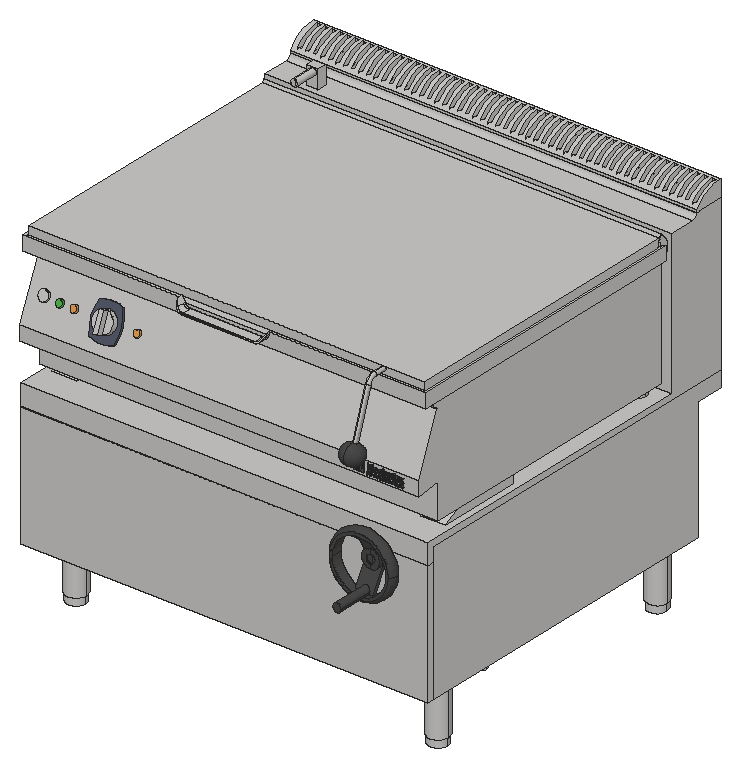
Revit family "QF_ELECTROLUXPROFESSIONAL_391285_E9BRGJDP40", category Specialty Equipment, Revit 2018 (continued)
Lines and regions (mm)
  symbolic lines
    curve 179: line (480.173, -6.761, 0) -> (480.173, -63.911, 0)
    curve 180: line (498.865, -63.911, 0) -> (508.161, -63.911, 0)
    curve 181: line (508.161, -63.911, 0) -> (508.161, -6.761, 0)
    curve 182: line (508.161, -6.761, 0) -> (498.865, -6.761, 0)
    curve 183: line (498.865, -6.761, 0) -> (498.865, -63.911, 0)
    curve 184: line (517.558, -63.911, 0) -> (526.854, -63.911, 0)
    curve 185: line (526.854, -63.911, 0) -> (526.854, -6.761, 0)
    curve 186: line (526.854, -6.761, 0) -> (517.558, -6.761, 0)
    curve 187: line (517.558, -6.761, 0) -> (517.558, -63.911, 0)
    curve 188: line (536.251, -63.911, 0) -> (545.546, -63.911, 0)
    curve 189: line (545.546, -63.911, 0) -> (545.546, -6.761, 0)
    curve 190: line (545.546, -6.761, 0) -> (536.251, -6.761, 0)
    curve 191: line (536.251, -6.761, 0) -> (536.251, -63.911, 0)
    curve 192: line (554.943, -63.911, 0) -> (564.239, -63.911, 0)
    curve 193: line (564.239, -63.911, 0) -> (564.239, -6.761, 0)
    curve 194: line (564.239, -6.761, 0) -> (554.943, -6.761, 0)
    curve 195: line (554.943, -6.761, 0) -> (554.943, -63.911, 0)
    curve 196: line (573.636, -63.911, 0) -> (582.932, -63.911, 0)
    curve 197: line (582.932, -63.911, 0) -> (582.932, -6.761, 0)
    curve 198: line (582.932, -6.761, 0) -> (573.636, -6.761, 0)
    curve 199: line (573.636, -6.761, 0) -> (573.636, -63.911, 0)
    curve 200: line (592.328, -63.911, 0) -> (601.624, -63.911, 0)
    curve 201: line (601.624, -63.911, 0) -> (601.624, -6.761, 0)
    curve 202: line (601.624, -6.761, 0) -> (592.328, -6.761, 0)
    curve 203: line (592.328, -6.761, 0) -> (592.328, -63.911, 0)
    curve 204: line (611.021, -63.911, 0) -> (620.317, -63.911, 0)
    curve 205: line (620.317, -63.911, 0) -> (620.317, -6.761, 0)
    curve 206: line (620.317, -6.761, 0) -> (611.021, -6.761, 0)
    curve 207: line (611.021, -6.761, 0) -> (611.021, -63.911, 0)
    curve 208: line (629.714, -63.911, 0) -> (639.009, -63.911, 0)
    curve 209: line (639.009, -63.911, 0) -> (639.009, -6.761, 0)
    curve 210: line (639.009, -6.761, 0) -> (629.714, -6.761, 0)
    curve 211: line (629.714, -6.761, 0) -> (629.714, -63.911, 0)
    curve 212: line (648.406, -63.911, 0) -> (657.702, -63.911, 0)
    curve 213: line (657.702, -63.911, 0) -> (657.702, -6.761, 0)
    curve 214: line (657.702, -6.761, 0) -> (648.406, -6.761, 0)
    curve 215: line (648.406, -6.761, 0) -> (648.406, -63.911, 0)
    curve 216: line (667.099, -63.911, 0) -> (676.395, -63.911, 0)
    curve 217: line (676.395, -63.911, 0) -> (676.395, -6.761, 0)
    curve 218: line (676.395, -6.761, 0) -> (667.099, -6.761, 0)
    curve 219: line (667.099, -6.761, 0) -> (667.099, -63.911, 0)
    curve 220: line (685.792, -63.911, 0) -> (695.087, -63.911, 0)
    curve 221: line (695.087, -63.911, 0) -> (695.087, -6.761, 0)
    curve 222: line (695.087, -6.761, 0) -> (685.792, -6.761, 0)
    curve 223: line (685.792, -6.761, 0) -> (685.792, -63.911, 0)
    curve 224: line (704.484, -63.911, 0) -> (713.78, -63.911, 0)
    curve 225: line (713.78, -63.911, 0) -> (713.78, -6.761, 0)
    curve 226: line (713.78, -6.761, 0) -> (704.484, -6.761, 0)
    curve 227: line (704.484, -6.761, 0) -> (704.484, -63.911, 0)
    curve 228: line (723.177, -63.911, 0) -> (732.472, -63.911, 0)
    curve 229: line (732.472, -63.911, 0) -> (732.472, -6.761, 0)
    curve 230: line (732.472, -6.761, 0) -> (723.177, -6.761, 0)
    curve 231: line (723.177, -6.761, 0) -> (723.177, -63.911, 0)
    curve 232: line (741.869, -63.911, 0) -> (751.165, -63.911, 0)
    curve 233: line (751.165, -63.911, 0) -> (751.165, -6.761, 0)
    curve 234: line (751.165, -6.761, 0) -> (741.869, -6.761, 0)
    curve 235: line (741.869, -6.761, 0) -> (741.869, -63.911, 0)
    curve 236: line (760.562, -63.911, 0) -> (769.858, -63.911, 0)
    curve 237: line (769.858, -63.911, 0) -> (769.858, -6.761, 0)
    curve 238: line (769.858, -6.761, 0) -> (760.562, -6.761, 0)
    curve 239: line (760.562, -6.761, 0) -> (760.562, -63.911, 0)
    curve 240: line (777.847, -63.911, 0) -> (787.142, -63.911, 0)
    curve 241: line (787.142, -63.911, 0) -> (787.142, -6.761, 0)
    curve 242: line (787.142, -6.761, 0) -> (777.847, -6.761, 0)
    curve 243: line (777.847, -6.761, 0) -> (777.847, -63.911, 0)
    curve 244: line (796.539, -63.911, 0) -> (805.835, -63.911, 0)
    curve 245: line (805.835, -63.911, 0) -> (805.835, -6.761, 0)
    curve 246: line (805.835, -6.761, 0) -> (796.539, -6.761, 0)
    curve 247: line (796.539, -6.761, 0) -> (796.539, -63.911, 0)
    curve 248: line (815.232, -63.911, 0) -> (824.528, -63.911, 0)
    curve 249: line (824.528, -63.911, 0) -> (824.528, -6.761, 0)
    curve 250: line (824.528, -6.761, 0) -> (815.232, -6.761, 0)
    curve 251: line (815.232, -6.761, 0) -> (815.232, -63.911, 0)
    curve 252: line (833.924, -63.911, 0) -> (843.22, -63.911, 0)
    curve 253: line (843.22, -63.911, 0) -> (843.22, -6.761, 0)
    curve 254: line (843.22, -6.761, 0) -> (833.924, -6.761, 0)
    curve 255: line (833.924, -6.761, 0) -> (833.924, -63.911, 0)
    curve 256: line (852.617, -63.911, 0) -> (861.913, -63.911, 0)
    curve 257: line (861.913, -63.911, 0) -> (861.913, -6.761, 0)
    curve 258: line (861.913, -6.761, 0) -> (852.617, -6.761, 0)
    curve 259: line (852.617, -6.761, 0) -> (852.617, -63.911, 0)
    curve 260: line (871.31, -63.911, 0) -> (880.605, -63.911, 0)
    curve 261: line (880.605, -63.911, 0) -> (880.605, -6.761, 0)
    curve 262: line (880.605, -6.761, 0) -> (871.31, -6.761, 0)
    curve 263: line (871.31, -6.761, 0) -> (871.31, -63.911, 0)
    curve 264: line (890.002, -63.911, 0) -> (899.298, -63.911, 0)
    curve 265: line (899.298, -63.911, 0) -> (899.298, -6.761, 0)
    curve 266: line (899.298, -6.761, 0) -> (890.002, -6.761, 0)
    curve 267: line (890.002, -6.761, 0) -> (890.002, -63.911, 0)
    curve 268: line (908.695, -63.911, 0) -> (917.991, -63.911, 0)
    curve 269: line (917.991, -63.911, 0) -> (917.991, -6.761, 0)
    curve 270: line (917.991, -6.761, 0) -> (908.695, -6.761, 0)
    curve 271: line (908.695, -6.761, 0) -> (908.695, -63.911, 0)
    curve 272: line (927.388, -63.911, 0) -> (936.683, -63.911, 0)
    curve 273: line (936.683, -63.911, 0) -> (936.683, -6.761, 0)
    curve 274: line (936.683, -6.761, 0) -> (927.388, -6.761, 0)
    curve 275: line (927.388, -6.761, 0) -> (927.388, -63.911, 0)
    curve 276: line (946.08, -63.911, 0) -> (955.376, -63.911, 0)
    curve 277: line (955.376, -63.911, 0) -> (955.376, -6.761, 0)
    curve 278: line (955.376, -6.761, 0) -> (946.08, -6.761, 0)
    curve 279: line (946.08, -6.761, 0) -> (946.08, -63.911, 0)
    curve 280: line (983.465, -63.911, 0) -> (992.761, -63.911, 0)
    curve 281: line (992.761, -63.911, 0) -> (992.761, -6.761, 0)
    curve 282: line (992.761, -6.761, 0) -> (983.465, -6.761, 0)
    curve 283: line (983.465, -6.761, 0) -> (983.465, -63.911, 0)
    curve 284: line (964.773, -63.911, 0) -> (974.068, -63.911, 0)
    curve 285: line (974.068, -63.911, 0) -> (974.068, -6.761, 0)
    curve 286: line (974.068, -6.761, 0) -> (964.773, -6.761, 0)
    curve 287: line (964.773, -6.761, 0) -> (964.773, -63.911, 0)
  symbolic lines, style "QF_Clearances", visible <- "Show Clearance", detail levels coarse
    curve 17: line (-50, 50, 150) -> (-50, -918.182, 150)
    curve 18: line (1050, 50, 150) -> (1050, -915, 150)
    curve 19: line (1050, 50, 150) -> (-50, 50, 150)
Dimensions and locks
  equal spacing: plane 3 "LEFT", plane 7 "Center Y", plane 4 "RIGHT"
  plane 3 "LEFT" to plane 4 "RIGHT" = 1000 mm
  equal spacing: plane 5 "FRONT", plane 8 "Center X", plane 1 "BACK"
  plane 5 "FRONT" to plane 1 "BACK" = 915 mm  (x2)
  plane 21 to level = 850 mm
  plane 9 "Base" to level = 149 mm
  plane 11 to level = 1653 mm
  plane 11 to plane 2 = 1653 mm
  plane 9 "Base" to plane 2 = 149 mm
  plane 13 to plane 12 = 674 mm
  plane 1 "BACK" to plane 14 = 1034 mm  (x2)
  plane 6 "TOP" to plane 2 = 908 mm
  plane 14 to plane 1 "BACK" = 1034 mm
  plane 4 "RIGHT" to plane 17 to plane 15 to plane 3 "LEFT" = 55 mm, 890 mm, 55 mm
  plane 1 "BACK" to plane 18 = 1014 mm
  Extrusion 12 to plane 1 "BACK" = 69 mm
  Extrusion 6 to plane 9 "Base" = 701 mm
  plane 2 to Extrusion 12 = 448 mm
  Extrusion 3 to plane 13 = 100.182 mm
  plane 12 to Extrusion 12 = 56 mm
  plane 4 "RIGHT" to plane 20 = 14 mm
  plane 21 to plane 9 "Base" to level = 701 mm, 149 mm
  plane 1 "BACK" to Extrusion 12 = 69 mm
  Extrusion 12 to plane 12 = 56 mm
  plane 12 to plane 13 = 674 mm
  plane 13 to Extrusion 3 = 100.182 mm
  Extrusion 12 to level = 448 mm
  plane 6 "TOP" to level = 908 mm
  plane 22 "Connection" to level = 182 mm
  plane 1 "BACK" to plane 23 = 706 mm
  plane 3 "LEFT" to Extrusion 17 sketch curve = 105 mm
  Extrusion 18 sketch curve to plane 1 "BACK" = 698 mm
  plane 3 "LEFT" to Extrusion 18 sketch curve = 195 mm
  Extrusion 18 to plane 1 "BACK" = 698 mm
  plane 3 "LEFT" to Extrusion 19 sketch curve = 265 mm
  plane 3 "LEFT" to plane 25 = 105 mm
  plane 3 "LEFT" to plane 26 = 195 mm
  plane 3 "LEFT" to plane 24 = 265 mm
  Extrusion 3 to Extrusion 15 = 181 mm
  Extrusion 15 to Extrusion 3 = 181 mm
  aligned and locked: level to plane 2
  aligned and locked: Extrusion 12 to plane 3 "LEFT"
Automatic sketch dimensions
  Revolve 1 sketch curve to plane 9 "Base" = 0 mm  (x2)
  Revolve 1 sketch curve to level = 0 mm
  Revolve 1 sketch curve to plane 15 = 0 mm  (x2)
  Revolve 1 sketch curve to Revolve 1 sketch curve = 22.9 mm
  Revolve 1 sketch curve to Revolve 1 sketch curve = 2.5 mm
  level to Revolve 1 sketch curve = 19.05 mm
  Revolve 1 sketch curve to plane 22 "Connection" = 13 mm
  Revolve 2 sketch curve to plane 9 "Base" = 0 mm  (x2)
  Revolve 2 sketch curve to level = 0 mm
  Revolve 2 sketch curve to plane 15 = 0 mm  (x2)
  Revolve 2 sketch curve to Revolve 2 sketch curve = 22.9 mm
  Revolve 2 sketch curve to Revolve 2 sketch curve = 2.5 mm
  level to Revolve 2 sketch curve = 19.05 mm
  Revolve 2 sketch curve to plane 22 "Connection" = 13 mm
  Extrusion 7 sketch curve to plane 10 = 0 mm
  Extrusion 7 sketch curve to plane 13 = 25.484 mm
  plane 13 to Extrusion 7 sketch curve = 28.261 mm
  plane 23 to Extrusion 7 sketch curve = 87.5 mm
  plane 10 to Extrusion 7 sketch curve = 26.213 mm
  Extrusion 8 sketch curve to plane 17 = 8.429 mm
  Extrusion 8 sketch curve to plane 15 = 8.429 mm
  Extrusion 8 sketch curve to plane 12 = 64.686 mm  (x2)
  Extrusion 9 sketch curve to plane 6 "TOP" = 10 mm
  Extrusion 9 sketch curve to plane 12 = 7.127 mm
  plane 12 to Extrusion 9 sketch curve = 16.931 mm
  plane 21 to Extrusion 9 sketch curve = 3.88 mm
  Revolve 10 sketch curve to plane 6 "TOP" = 19.903 mm
  Revolve 10 sketch curve to plane 12 = 63.311 mm
  Revolve 10 sketch curve to plane 12 = 7.127 mm
  Revolve 10 sketch curve to Revolve 10 sketch curve = 0 mm  (x2)
  plane 12 to Revolve 10 sketch curve = 1.394 mm
  Revolve 10 sketch curve to plane 6 "TOP" = 11.778 mm
  Revolve 13 sketch curve to plane 9 "Base" = 0 mm  (x2)
  Revolve 13 sketch curve to level = 0 mm
  plane 17 to Revolve 13 sketch curve = 0 mm  (x2)
  Revolve 13 sketch curve to plane 20 = 18.1 mm
  Revolve 13 sketch curve to Revolve 13 sketch curve = 2.5 mm
  Revolve 13 sketch curve to plane 22 "Connection" = 13 mm
  level to Revolve 13 sketch curve = 19.05 mm
  Revolve 14 sketch curve to plane 9 "Base" = 0 mm  (x2)
  Revolve 14 sketch curve to level = 0 mm
  plane 17 to Revolve 14 sketch curve = 0 mm  (x2)
  Revolve 14 sketch curve to plane 20 = 18.1 mm
  Revolve 14 sketch curve to Revolve 14 sketch curve = 2.5 mm
  Revolve 14 sketch curve to plane 22 "Connection" = 13 mm
  level to Revolve 14 sketch curve = 19.05 mm
  plane 17 to Sweep 20 sketch curve = 60 mm
  Sweep 20 sketch curve to plane 10 = 63.57 mm
  Sweep 20 sketch curve to profile plane = 1.641 mm
  Sweep 20 sketch curve to profile plane = 7.394 mm
  Sweep 20 sketch curve to Sweep 20 sketch curve = 5.753 mm
  Sweep 20 sketch curve to Sweep 20 sketch curve = 6.722 mm
  Sweep 20 sketch curve to Sweep 20 sketch curve = 3.093 mm
  profile plane to Sweep 20 sketch curve = 740.784 mm
  Sweep 20 sketch curve to Sweep 20 sketch curve = 3.53 mm
  Sweep 20 sketch curve to Sweep 20 sketch curve = 10.864 mm
  plane 17 to Extrusion 21 sketch curve = 60 mm
  Extrusion 21 sketch curve to plane 10 = 124.454 mm
  Extrusion 22 sketch curve to plane 25 = 17.623 mm
  plane 25 to Extrusion 23 sketch curve = 17.681 mm
  Extrusion 24 sketch curve to plane 26 = 7.917 mm
  Extrusion 25 sketch curve to Extrusion 25 sketch curve = 24.732 mm
  Extrusion 25 sketch curve to Extrusion 25 sketch curve = 0 mm
  Extrusion 26 sketch curve to plane 15 = 7.427 mm
  Extrusion 27 sketch curve to plane 24 = 12.623 mm
  plane 10 to Extrusion 30 sketch curve = 0 mm
  Extrusion 30 sketch curve to plane 13 = 25.484 mm
  plane 13 to Extrusion 30 sketch curve = 28.261 mm
  plane 23 to Extrusion 30 sketch curve = 87.5 mm
  plane 10 to Extrusion 30 sketch curve = 26.213 mm
  plane 18 to Revolve 34 sketch curve = 18.604 mm
  Revolve 34 sketch curve to Revolve 34 sketch curve = 0 mm  (x4)
  plane 18 to Revolve 34 sketch curve = 22.834 mm
  Revolve 34 sketch curve to Revolve 34 sketch curve = 3.746 mm
  Revolve 34 sketch curve to Revolve 34 sketch curve = 7.415 mm
  plane 10 to Revolve 34 sketch curve = 172.444 mm
  Revolve 34 sketch curve to Revolve 34 sketch curve = 22.45 mm
  Extrusion 35 sketch curve to plane 11 = 87.075 mm
  plane 8 "Center X" to Extrusion 35 sketch curve = 110.667 mm
  Extrusion 35 sketch curve to Extrusion 35 sketch curve = 694.86 mm
  Extrusion 35 sketch curve to Extrusion 35 sketch curve = 15.993 mm
  Extrusion 35 sketch curve to Extrusion 35 sketch curve = 5.354 mm
  Extrusion 35 sketch curve to Extrusion 35 sketch curve = 3.503 mm
  Extrusion 35 sketch curve to Extrusion 35 sketch curve = 12.189 mm
  Extrusion 35 sketch curve to Extrusion 35 sketch curve = 3.348 mm
  Extrusion 35 sketch curve to Extrusion 35 sketch curve = 18.4 mm  (x2)
  Extrusion 35 sketch curve to Extrusion 35 sketch curve = 2.697 mm
  Extrusion 35 sketch curve to Extrusion 35 sketch curve = 14.057 mm
  Extrusion 35 sketch curve to Extrusion 35 sketch curve = 4.418 mm
  Extrusion 35 sketch curve to Extrusion 35 sketch curve = 11 mm
  Extrusion 35 sketch curve to Extrusion 35 sketch curve = 6.539 mm
  Sweep 36 sketch curve to plane 8 "Center X" = 20.462 mm
  Sweep 36 sketch curve to plane 11 = 28.458 mm
  Sweep 36 sketch curve to Sweep 36 sketch curve = 41.037 mm
  Sweep 36 sketch curve to Sweep 36 sketch curve = 18.794 mm
  Sweep 36 sketch curve to Sweep 36 sketch curve = 28.354 mm
  Sweep 36 sketch curve to Sweep 36 sketch curve = 105.908 mm
  Sweep 36 sketch curve to Sweep 36 sketch curve = 6.84 mm
  Sweep 36 sketch curve to profile plane = 0 mm
  profile plane to Sweep 36 sketch curve = 676.16 mm
  Revolve 37 sketch curve to plane 11 = 23.591 mm
  Revolve 37 sketch curve to plane 8 "Center X" = 65.198 mm
  Revolve 37 sketch curve to Revolve 37 sketch curve = 0 mm  (x4)
  Revolve 37 sketch curve to Revolve 37 sketch curve = 4.229 mm
  Revolve 37 sketch curve to Revolve 37 sketch curve = 3.746 mm
  Revolve 37 sketch curve to Revolve 37 sketch curve = 7.415 mm
  Revolve 37 sketch curve to Revolve 37 sketch curve = 22.45 mm
  plane 26 to Extrusion 38 sketch curve = 22.344 mm
  plane 24 to Extrusion 38 sketch curve = 31.059 mm
  Extrusion 38 sketch curve to Extrusion 38 sketch curve = 0 mm
  Extrusion 38 sketch curve to plane 26 = 8.324 mm
  Extrusion 38 sketch curve to Extrusion 38 sketch curve = 12.3 mm  (x2)
  plane 24 to Extrusion 38 sketch curve = 7.4 mm
  Extrusion 38 sketch curve to Extrusion 38 sketch curve = 34.925 mm  (x2)
  Extrusion 38 sketch curve to Extrusion 38 sketch curve = 50.015 mm
  plane 26 to Extrusion 38 sketch curve = 20.225 mm
  Extrusion 40 sketch curve to Extrusion 40 sketch curve = 7.323 mm
  Extrusion 40 sketch curve to Extrusion 40 sketch curve = 14.203 mm
  Extrusion 40 sketch curve to Extrusion 40 sketch curve = 14.214 mm
  Extrusion 40 sketch curve to plane 21 = 19.693 mm
  Extrusion 40 sketch curve to plane 21 = 19.699 mm
  Extrusion 40 sketch curve to Extrusion 40 sketch curve = 4.465 mm
  Extrusion 40 sketch curve to Extrusion 40 sketch curve = 4.485 mm
  Extrusion 40 sketch curve to Extrusion 40 sketch curve = 12.672 mm
  Extrusion 40 sketch curve to Extrusion 40 sketch curve = 21.263 mm
  plane 7 "Center Y" to Extrusion 40 sketch curve = 110.002 mm
  Extrusion 40 sketch curve to plane 7 "Center Y" = 88.472 mm
  Extrusion 40 sketch curve to Extrusion 40 sketch curve = 7.316 mm
  Extrusion 28 sketch curve to Extrusion 28 sketch curve = 0 mm  (x4)
  Extrusion 28 sketch curve to plane 21 = 26.099 mm
  Extrusion 28 sketch curve to plane 7 "Center Y" = 110.002 mm
  Extrusion 28 sketch curve to Extrusion 28 sketch curve = 4.545 mm
  Extrusion 28 sketch curve to plane 21 = 32.371 mm
  Extrusion 28 sketch curve to Extrusion 28 sketch curve = 2.771 mm  (x2)
  Extrusion 28 sketch curve to Extrusion 28 sketch curve = 14.214 mm
  plane 7 "Center Y" to Extrusion 28 sketch curve = 88.476 mm
  Extrusion 28 sketch curve to Extrusion 28 sketch curve = 14.203 mm
  Extrusion 28 sketch curve to plane 21 = 33.978 mm
  Extrusion 28 sketch curve to Extrusion 28 sketch curve = 4.548 mm
  Extrusion 28 sketch curve to Extrusion 28 sketch curve = 8.206 mm
  Extrusion 28 sketch curve to Extrusion 28 sketch curve = 7.878 mm
  Extrusion 28 sketch curve to Extrusion 28 sketch curve = 6.4 mm  (x2)
  Extrusion 28 sketch curve to Extrusion 28 sketch curve = 3.2 mm
  Extrusion 39 sketch curve to Extrusion 39 sketch curve = 0 mm  (x28)
  plane 17 to Extrusion 39 sketch curve = 36.031 mm
  plane 10 to Extrusion 39 sketch curve = 104.853 mm
  Extrusion 39 sketch curve to Extrusion 39 sketch curve = 3.509 mm  (x2)
  Extrusion 39 sketch curve to plane 17 = 4.633 mm
  Extrusion 39 sketch curve to Extrusion 39 sketch curve = 2.459 mm  (x3)
  plane 17 to Extrusion 39 sketch curve = 0.399 mm
  plane 17 to Extrusion 39 sketch curve = 3.14 mm
  plane 17 to Extrusion 39 sketch curve = 9.143 mm
  Extrusion 39 sketch curve to Extrusion 39 sketch curve = 5.968 mm
  Extrusion 39 sketch curve to Extrusion 39 sketch curve = 0.918 mm  (x4)
  Extrusion 39 sketch curve to Extrusion 39 sketch curve = 0.949 mm  (x2)
  Extrusion 39 sketch curve to Extrusion 39 sketch curve = 1.035 mm
  Extrusion 39 sketch curve to Extrusion 39 sketch curve = 1.047 mm
  Extrusion 39 sketch curve to Extrusion 39 sketch curve = 3.513 mm  (x2)
  plane 17 to Extrusion 39 sketch curve = 41.887 mm
  Extrusion 39 sketch curve to Extrusion 39 sketch curve = 0.045 mm  (x2)
  plane 17 to Extrusion 39 sketch curve = 34.554 mm
  Extrusion 39 sketch curve to Extrusion 39 sketch curve = 0.277 mm
  Extrusion 39 sketch curve to Extrusion 39 sketch curve = 0.3 mm  (x2)
  Extrusion 39 sketch curve to Extrusion 39 sketch curve = 0.004 mm  (x3)
  Extrusion 39 sketch curve to Extrusion 39 sketch curve = 0.636 mm
  Extrusion 39 sketch curve to Extrusion 39 sketch curve = 0.02 mm  (x3)
  plane 17 to Extrusion 39 sketch curve = 41.125 mm
  Extrusion 39 sketch curve to Extrusion 39 sketch curve = 0.479 mm  (x2)
  plane 17 to Extrusion 39 sketch curve = 33.791 mm
  Extrusion 39 sketch curve to Extrusion 39 sketch curve = 1.645 mm
  Extrusion 39 sketch curve to Extrusion 39 sketch curve = 1.672 mm
  plane 17 to Extrusion 39 sketch curve = 9.181 mm
  Extrusion 39 sketch curve to Extrusion 39 sketch curve = 1.71 mm
  Extrusion 39 sketch curve to Extrusion 39 sketch curve = 0.447 mm  (x2)
  Extrusion 39 sketch curve to Extrusion 39 sketch curve = 0.343 mm
  Extrusion 39 sketch curve to Extrusion 39 sketch curve = 0.246 mm
  Extrusion 39 sketch curve to Extrusion 39 sketch curve = 0.124 mm  (x2)
  Extrusion 39 sketch curve to Extrusion 39 sketch curve = 1.995 mm
  plane 17 to Extrusion 39 sketch curve = 1.32 mm
  Extrusion 39 sketch curve to Extrusion 39 sketch curve = 0.996 mm  (x2)
  Extrusion 39 sketch curve to Extrusion 39 sketch curve = 0.509 mm
  Extrusion 39 sketch curve to Extrusion 39 sketch curve = 2.427 mm  (x2)
  Extrusion 39 sketch curve to Extrusion 39 sketch curve = 0.616 mm  (x2)
  Extrusion 39 sketch curve to Extrusion 39 sketch curve = 0.017 mm  (x2)
  Extrusion 39 sketch curve to Extrusion 39 sketch curve = 0.926 mm
  Extrusion 39 sketch curve to Extrusion 39 sketch curve = 0.911 mm
  Extrusion 39 sketch curve to Extrusion 39 sketch curve = 1.839 mm
  Extrusion 39 sketch curve to Extrusion 39 sketch curve = 0.306 mm  (x2)
  Extrusion 39 sketch curve to Extrusion 39 sketch curve = 0.917 mm  (x3)
  Extrusion 39 sketch curve to Extrusion 39 sketch curve = 0.159 mm  (x2)
  plane 17 to Extrusion 39 sketch curve = 1.769 mm
  Extrusion 39 sketch curve to Extrusion 39 sketch curve = 1.342 mm
  Extrusion 39 sketch curve to Extrusion 39 sketch curve = 0.187 mm  (x2)
  Extrusion 39 sketch curve to Extrusion 39 sketch curve = 0.679 mm  (x2)
  Extrusion 39 sketch curve to Extrusion 39 sketch curve = 0.67 mm
  Extrusion 39 sketch curve to Extrusion 39 sketch curve = 0.002 mm
  Extrusion 39 sketch curve to Extrusion 39 sketch curve = 0.007 mm  (x3)
  Extrusion 39 sketch curve to Extrusion 39 sketch curve = 0.383 mm  (x4)
  plane 17 to Extrusion 39 sketch curve = 31.86 mm
  plane 17 to Extrusion 39 sketch curve = 39.193 mm
  Extrusion 39 sketch curve to Extrusion 39 sketch curve = 0.075 mm  (x2)
  Extrusion 39 sketch curve to Extrusion 39 sketch curve = 0.677 mm  (x2)
  Extrusion 39 sketch curve to Extrusion 39 sketch curve = 0.957 mm
  Extrusion 39 sketch curve to Extrusion 39 sketch curve = 1.024 mm
  Extrusion 39 sketch curve to Extrusion 39 sketch curve = 0.328 mm  (x2)
  plane 17 to Extrusion 39 sketch curve = 31.143 mm
  Extrusion 39 sketch curve to Extrusion 39 sketch curve = 0.492 mm  (x2)
  plane 17 to Extrusion 39 sketch curve = 38.476 mm
  plane 17 to Extrusion 39 sketch curve = 1.799 mm
  Extrusion 39 sketch curve to Extrusion 39 sketch curve = 1.815 mm
  Extrusion 39 sketch curve to Extrusion 39 sketch curve = 3.936 mm
  plane 17 to Extrusion 39 sketch curve = 11.401 mm
  Extrusion 39 sketch curve to Extrusion 39 sketch curve = 1.802 mm
  Extrusion 39 sketch curve to Extrusion 39 sketch curve = 0.781 mm
  plane 17 to Extrusion 39 sketch curve = 23.717 mm  (x4)
  Extrusion 39 sketch curve to Extrusion 39 sketch curve = 4.769 mm
  plane 17 to Extrusion 39 sketch curve = 48.012 mm  (x4)
  Extrusion 39 sketch curve to Extrusion 39 sketch curve = 4.78 mm
  plane 17 to Extrusion 39 sketch curve = 7.789 mm
  Extrusion 39 sketch curve to Extrusion 39 sketch curve = 4.809 mm
  plane 17 to Extrusion 39 sketch curve = 59.783 mm
  Extrusion 39 sketch curve to Extrusion 39 sketch curve = 4.821 mm
  plane 17 to Extrusion 39 sketch curve = 37.77 mm
  Extrusion 39 sketch curve to Extrusion 39 sketch curve = 5.852 mm
  Extrusion 39 sketch curve to plane 17 = 5.755 mm
  Extrusion 39 sketch curve to Extrusion 39 sketch curve = 5.071 mm  (x3)
  Extrusion 39 sketch curve to plane 17 = 0.598 mm
  Extrusion 39 sketch curve to Extrusion 39 sketch curve = 0.003 mm  (x2)
  plane 17 to Extrusion 39 sketch curve = 38.791 mm
  Extrusion 39 sketch curve to Extrusion 39 sketch curve = 0.046 mm
  Extrusion 39 sketch curve to Extrusion 39 sketch curve = 0.068 mm
  Extrusion 39 sketch curve to Extrusion 39 sketch curve = 10.348 mm
  plane 17 to Extrusion 39 sketch curve = 43.925 mm  (x2)
  Extrusion 39 sketch curve to Extrusion 39 sketch curve = 1.761 mm
  plane 17 to Extrusion 39 sketch curve = 55.493 mm
  Extrusion 39 sketch curve to Extrusion 39 sketch curve = 1.821 mm
  plane 17 to Extrusion 39 sketch curve = 59.702 mm
  Extrusion 39 sketch curve to Extrusion 39 sketch curve = 2.064 mm  (x2)
  Extrusion 39 sketch curve to Extrusion 39 sketch curve = 2.196 mm  (x3)
  Extrusion 39 sketch curve to Extrusion 39 sketch curve = 2.206 mm  (x2)
  plane 17 to Extrusion 39 sketch curve = 7.77 mm
  Extrusion 39 sketch curve to Extrusion 39 sketch curve = 2.216 mm
  Extrusion 39 sketch curve to Extrusion 39 sketch curve = 0.588 mm
  Extrusion 39 sketch curve to Extrusion 39 sketch curve = 0.037 mm
  Extrusion 39 sketch curve to Extrusion 39 sketch curve = 0.109 mm
  plane 17 to Extrusion 39 sketch curve = 37.761 mm
  Extrusion 39 sketch curve to Extrusion 39 sketch curve = 2.272 mm  (x2)
  plane 17 to Extrusion 39 sketch curve = 0.253 mm
  Extrusion 39 sketch curve to Extrusion 39 sketch curve = 2.435 mm
  Extrusion 39 sketch curve to Extrusion 39 sketch curve = 1.25 mm
  plane 17 to Extrusion 39 sketch curve = 56.95 mm
  Extrusion 39 sketch curve to Extrusion 39 sketch curve = 1.417 mm
  plane 17 to Extrusion 39 sketch curve = 45.422 mm  (x2)
  Extrusion 39 sketch curve to Extrusion 39 sketch curve = 1.558 mm  (x2)
  Extrusion 39 sketch curve to plane 17 = 6.031 mm
  Extrusion 39 sketch curve to Extrusion 39 sketch curve = 3.247 mm
  Extrusion 39 sketch curve to plane 17 = 3.176 mm  (x2)
  Extrusion 39 sketch curve to Extrusion 39 sketch curve = 0.339 mm
  Extrusion 39 sketch curve to Extrusion 39 sketch curve = 4.029 mm
  plane 17 to Extrusion 39 sketch curve = 3.116 mm
  Extrusion 39 sketch curve to Extrusion 39 sketch curve = 1.655 mm
  plane 17 to Extrusion 39 sketch curve = 9.985 mm
  Extrusion 39 sketch curve to Extrusion 39 sketch curve = 0.201 mm
  plane 17 to Extrusion 39 sketch curve = 42.42 mm
  Extrusion 39 sketch curve to Extrusion 39 sketch curve = 2.769 mm
  Extrusion 39 sketch curve to Extrusion 39 sketch curve = 0.162 mm
  Extrusion 39 sketch curve to Extrusion 39 sketch curve = 0.137 mm
  Extrusion 39 sketch curve to Extrusion 39 sketch curve = 2.101 mm
  Extrusion 39 sketch curve to Extrusion 39 sketch curve = 0.103 mm  (x2)
  Extrusion 39 sketch curve to Extrusion 39 sketch curve = 2.671 mm
  plane 17 to Extrusion 39 sketch curve = 65.227 mm
  Extrusion 39 sketch curve to Extrusion 39 sketch curve = 0.566 mm
  plane 17 to Extrusion 39 sketch curve = 29.258 mm
  Extrusion 39 sketch curve to Extrusion 39 sketch curve = 3.183 mm  (x2)
  plane 17 to Extrusion 39 sketch curve = 18.177 mm
  Extrusion 39 sketch curve to Extrusion 39 sketch curve = 5.077 mm
  plane 17 to Extrusion 39 sketch curve = 26.859 mm
  plane 17 to Extrusion 39 sketch curve = 20.575 mm
  plane 17 to Extrusion 39 sketch curve = 53.557 mm
  Extrusion 39 sketch curve to Extrusion 39 sketch curve = 0.627 mm
  plane 17 to Extrusion 39 sketch curve = 51.149 mm
  plane 17 to Extrusion 39 sketch curve = 33.375 mm  (x2)
  Extrusion 39 sketch curve to Extrusion 39 sketch curve = 0.262 mm
  Extrusion 39 sketch curve to plane 17 = 1.847 mm
  Extrusion 39 sketch curve to Extrusion 39 sketch curve = 1.773 mm
  Extrusion 39 sketch curve to plane 17 = 4.507 mm
  Extrusion 39 sketch curve to Extrusion 39 sketch curve = 1.793 mm
  Extrusion 39 sketch curve to Extrusion 39 sketch curve = 1.788 mm
  plane 17 to Extrusion 39 sketch curve = 57.274 mm
  Extrusion 39 sketch curve to Extrusion 39 sketch curve = 1.7 mm
  Extrusion 39 sketch curve to Extrusion 39 sketch curve = 1.733 mm
  Extrusion 39 sketch curve to Extrusion 39 sketch curve = 4.169 mm
  Extrusion 39 sketch curve to Extrusion 39 sketch curve = 1.242 mm
  Extrusion 39 sketch curve to Extrusion 39 sketch curve = 2.572 mm  (x2)
  Extrusion 39 sketch curve to plane 17 = 6.394 mm
  Extrusion 39 sketch curve to Extrusion 39 sketch curve = 2.881 mm
  Extrusion 39 sketch curve to Extrusion 39 sketch curve = 3.582 mm
  plane 17 to Extrusion 39 sketch curve = 30.635 mm
  Extrusion 39 sketch curve to Extrusion 39 sketch curve = 0.101 mm
  plane 17 to Extrusion 39 sketch curve = 0.157 mm
  Extrusion 39 sketch curve to Extrusion 39 sketch curve = 2.74 mm
  Extrusion 39 sketch curve to Extrusion 39 sketch curve = 1.113 mm
  plane 17 to Extrusion 39 sketch curve = 59.844 mm  (x2)
  Extrusion 39 sketch curve to Extrusion 39 sketch curve = 2.226 mm
  Extrusion 39 sketch curve to Extrusion 39 sketch curve = 2.28 mm
  Extrusion 39 sketch curve to Extrusion 39 sketch curve = 0.585 mm
  plane 17 to Extrusion 39 sketch curve = 1.659 mm
  Extrusion 39 sketch curve to Extrusion 39 sketch curve = 2.054 mm
  Extrusion 39 sketch curve to plane 17 = 8.011 mm
  Extrusion 39 sketch curve to Extrusion 39 sketch curve = 2.203 mm
  Extrusion 39 sketch curve to Extrusion 39 sketch curve = 1.51 mm
  Extrusion 39 sketch curve to Extrusion 39 sketch curve = 5.923 mm
  plane 17 to Extrusion 39 sketch curve = 29.628 mm
  Extrusion 39 sketch curve to Extrusion 39 sketch curve = 2.337 mm
  Extrusion 39 sketch curve to Extrusion 39 sketch curve = 1.561 mm
  Extrusion 39 sketch curve to Extrusion 39 sketch curve = 3.319 mm
  Extrusion 39 sketch curve to Extrusion 39 sketch curve = 0.191 mm
  Extrusion 39 sketch curve to Extrusion 39 sketch curve = 2.274 mm
  Extrusion 39 sketch curve to Extrusion 39 sketch curve = 3.888 mm  (x2)
  Extrusion 39 sketch curve to Extrusion 39 sketch curve = 0.986 mm
  Extrusion 39 sketch curve to Extrusion 39 sketch curve = 2.599 mm
  Extrusion 39 sketch curve to Extrusion 39 sketch curve = 2.865 mm
  Extrusion 39 sketch curve to Extrusion 39 sketch curve = 0.998 mm  (x6)
  Extrusion 39 sketch curve to Extrusion 39 sketch curve = 1.022 mm
  Extrusion 39 sketch curve to plane 17 = 0.96 mm
  Extrusion 39 sketch curve to plane 17 = 0.674 mm
  plane 17 to Extrusion 39 sketch curve = 0.872 mm
  plane 17 to Extrusion 39 sketch curve = 2.001 mm
  Extrusion 39 sketch curve to Extrusion 39 sketch curve = 0.9 mm
  Extrusion 39 sketch curve to Extrusion 39 sketch curve = 0.448 mm
  Extrusion 39 sketch curve to Extrusion 39 sketch curve = 1.072 mm
  Extrusion 39 sketch curve to Extrusion 39 sketch curve = 2.437 mm
  Extrusion 39 sketch curve to Extrusion 39 sketch curve = 1.008 mm
  Extrusion 39 sketch curve to Extrusion 39 sketch curve = 2.221 mm
  Extrusion 39 sketch curve to Extrusion 39 sketch curve = 0.971 mm
  Extrusion 39 sketch curve to Extrusion 39 sketch curve = 2.438 mm
  Extrusion 39 sketch curve to Extrusion 39 sketch curve = 1.849 mm
  Extrusion 39 sketch curve to Extrusion 39 sketch curve = 2.419 mm
  Extrusion 39 sketch curve to Extrusion 39 sketch curve = 6.696 mm  (x2)
  Extrusion 39 sketch curve to Extrusion 39 sketch curve = 5.345 mm
  Extrusion 39 sketch curve to Extrusion 39 sketch curve = 0.421 mm  (x2)
  Extrusion 39 sketch curve to Extrusion 39 sketch curve = 0.078 mm  (x2)
  Extrusion 39 sketch curve to Extrusion 39 sketch curve = 0.133 mm  (x2)
  Extrusion 39 sketch curve to Extrusion 39 sketch curve = 0.006 mm  (x2)
  Extrusion 39 sketch curve to Extrusion 39 sketch curve = 0.23 mm  (x2)
  Extrusion 39 sketch curve to Extrusion 39 sketch curve = 0.065 mm  (x2)
  Extrusion 39 sketch curve to Extrusion 39 sketch curve = 0.279 mm  (x2)
  Extrusion 39 sketch curve to Extrusion 39 sketch curve = 0.251 mm  (x2)
  Extrusion 39 sketch curve to Extrusion 39 sketch curve = 0.134 mm  (x2)
  Extrusion 39 sketch curve to Extrusion 39 sketch curve = 0.009 mm  (x2)
  Extrusion 39 sketch curve to Extrusion 39 sketch curve = 0.164 mm  (x2)
  Extrusion 39 sketch curve to Extrusion 39 sketch curve = 0.077 mm  (x2)
  Extrusion 39 sketch curve to Extrusion 39 sketch curve = 0.866 mm  (x2)
  Extrusion 39 sketch curve to Extrusion 39 sketch curve = 2.398 mm
  Extrusion 39 sketch curve to Extrusion 39 sketch curve = 2.034 mm
  Extrusion 39 sketch curve to Extrusion 39 sketch curve = 2.418 mm
  Extrusion 39 sketch curve to Extrusion 39 sketch curve = 1.355 mm
  Extrusion 39 sketch curve to Extrusion 39 sketch curve = 3.835 mm
  Extrusion 39 sketch curve to Extrusion 39 sketch curve = 0.047 mm  (x2)
  Extrusion 39 sketch curve to Extrusion 39 sketch curve = 0.135 mm
  Extrusion 39 sketch curve to Extrusion 39 sketch curve = 0.977 mm
  Extrusion 39 sketch curve to Extrusion 39 sketch curve = 0.409 mm
  Extrusion 39 sketch curve to Extrusion 39 sketch curve = 4.118 mm
  Extrusion 39 sketch curve to Extrusion 39 sketch curve = 0.175 mm
  Extrusion 39 sketch curve to Extrusion 39 sketch curve = 1.289 mm
  Extrusion 39 sketch curve to Extrusion 39 sketch curve = 1.827 mm
  Extrusion 39 sketch curve to Extrusion 39 sketch curve = 2.51 mm
  Extrusion 39 sketch curve to Extrusion 39 sketch curve = 0.061 mm
  Extrusion 39 sketch curve to Extrusion 39 sketch curve = 6.931 mm
  Extrusion 39 sketch curve to Extrusion 39 sketch curve = 6.197 mm
  Extrusion 39 sketch curve to Extrusion 39 sketch curve = 2.417 mm
  Extrusion 39 sketch curve to Extrusion 39 sketch curve = 1.133 mm
  Extrusion 39 sketch curve to Extrusion 39 sketch curve = 0.032 mm
  Extrusion 39 sketch curve to Extrusion 39 sketch curve = 0.82 mm
  Extrusion 39 sketch curve to Extrusion 39 sketch curve = 1.717 mm
  Extrusion 39 sketch curve to Extrusion 39 sketch curve = 0.161 mm
  Extrusion 39 sketch curve to Extrusion 39 sketch curve = 1.885 mm
  Extrusion 39 sketch curve to Extrusion 39 sketch curve = 2.261 mm
  Extrusion 39 sketch curve to Extrusion 39 sketch curve = 1.718 mm
  Extrusion 39 sketch curve to Extrusion 39 sketch curve = 0.886 mm
  Extrusion 39 sketch curve to Extrusion 39 sketch curve = 4.451 mm
  Extrusion 39 sketch curve to Extrusion 39 sketch curve = 1.997 mm
  Extrusion 39 sketch curve to Extrusion 39 sketch curve = 0.001 mm
  Extrusion 39 sketch curve to Extrusion 39 sketch curve = 5.646 mm
  Extrusion 39 sketch curve to Extrusion 39 sketch curve = 0.067 mm
  Extrusion 39 sketch curve to Extrusion 39 sketch curve = 0.04 mm
  Extrusion 39 sketch curve to Extrusion 39 sketch curve = 0.939 mm
  Extrusion 39 sketch curve to Extrusion 39 sketch curve = 0.873 mm
  Extrusion 39 sketch curve to Extrusion 39 sketch curve = 2.416 mm
  Extrusion 39 sketch curve to Extrusion 39 sketch curve = 9.714 mm
  Extrusion 39 sketch curve to Extrusion 39 sketch curve = 8.795 mm
  Extrusion 39 sketch curve to Extrusion 39 sketch curve = 1.097 mm  (x2)
  Extrusion 39 sketch curve to Extrusion 39 sketch curve = 1.972 mm
  Extrusion 39 sketch curve to Extrusion 39 sketch curve = 0.238 mm
  Extrusion 39 sketch curve to Extrusion 39 sketch curve = 3.568 mm
  Extrusion 39 sketch curve to Extrusion 39 sketch curve = 3.898 mm
  Extrusion 39 sketch curve to Extrusion 39 sketch curve = 0.915 mm  (x2)
  Extrusion 39 sketch curve to Extrusion 39 sketch curve = 0.408 mm  (x2)
  Extrusion 39 sketch curve to Extrusion 39 sketch curve = 0.453 mm  (x2)
  Extrusion 39 sketch curve to Extrusion 39 sketch curve = 0.239 mm  (x2)
  Extrusion 39 sketch curve to Extrusion 39 sketch curve = 0.266 mm  (x2)
  Extrusion 39 sketch curve to Extrusion 39 sketch curve = 0.148 mm  (x2)
  Extrusion 39 sketch curve to Extrusion 39 sketch curve = 0.764 mm  (x2)
  Extrusion 39 sketch curve to Extrusion 39 sketch curve = 0.041 mm  (x2)
  Extrusion 39 sketch curve to Extrusion 39 sketch curve = 1.266 mm  (x2)
  plane 27 "FUME" to Extrusion 42 sketch curve = 0 mm
  Extrusion 42 sketch curve to plane 1 "BACK" = 0 mm
  plane 1 "BACK" to Extrusion 42 sketch curve = 1.769 mm
  Extrusion 42 sketch curve to plane 27 "FUME" = 5.044 mm
  plane 12 to Extrusion 42 sketch curve = 53.372 mm
  Extrusion 42 sketch curve to plane 21 = 26.875 mm
  plane 20 to Extrusion 41 sketch curve = 6.761 mm
  Extrusion 41 sketch curve to plane 20 = 2.535 mm
  Extrusion 41 sketch curve to Extrusion 41 sketch curve = 9.397 mm  (x45)
  Extrusion 41 sketch curve to Extrusion 41 sketch curve = 9.296 mm  (x46)
  Extrusion 41 sketch curve to plane 17 = 1.08 mm
  plane 17 to Extrusion 41 sketch curve = 8.317 mm
  Extrusion 41 sketch curve to Extrusion 41 sketch curve = 7.989 mm
  plane 7 "Center Y" to Extrusion 41 sketch curve = 8.161 mm
  Extrusion 41 sketch curve to plane 7 "Center Y" = 1.135 mm
  Extrusion 41 sketch curve to plane 24 = 0.157 mm
  plane 24 to Extrusion 41 sketch curve = 9.138 mm
  Extrusion 41 sketch curve to plane 26 = 4.784 mm
  plane 26 to Extrusion 41 sketch curve = 4.613 mm
  Extrusion 41 sketch curve to plane 25 = 1.321 mm
  plane 25 to Extrusion 41 sketch curve = 8.076 mm
  plane 15 to Extrusion 41 sketch curve = 4.539 mm
  Extrusion 41 sketch curve to plane 15 = 4.757 mm
  plane 1 "BACK" to Extrusion 41 sketch curve = 6.761 mm  (x53)
  Extrusion 41 sketch curve to Extrusion 41 sketch curve = 57.15 mm  (x4)
  Extrusion 41 sketch curve to Extrusion 41 sketch curve = 0 mm  (x49)
  plane 3 "LEFT" to curve 79 = 12.858 mm
  curve 78 to curve 78 = 9.296 mm
  curve 76 to curve 80 = 9.397 mm
  curve 80 to curve 81 = 9.296 mm
  curve 84 to plane 15 = 4.757 mm
  plane 15 to curve 85 = 4.539 mm
  curve 84 to curve 88 = 9.397 mm
  curve 90 to curve 89 = 9.296 mm
  curve 88 to curve 95 = 9.397 mm
  plane 25 to curve 94 = 8.076 mm
  curve 96 to plane 25 = 1.321 mm
  curve 96 to curve 97 = 9.296 mm
  curve 96 to curve 103 = 9.397 mm
  curve 102 to curve 102 = 9.296 mm
  curve 100 to curve 104 = 9.397 mm
  curve 106 to curve 105 = 9.296 mm
  curve 104 to curve 108 = 9.397 mm
  curve 110 to curve 109 = 9.296 mm
  curve 108 to curve 112 = 9.397 mm
  plane 26 to curve 113 = 4.613 mm
  curve 116 to plane 26 = 4.784 mm
  curve 118 to curve 117 = 9.296 mm
  curve 116 to curve 120 = 9.397 mm
  curve 122 to curve 121 = 9.296 mm
  curve 120 to curve 124 = 9.397 mm
  curve 126 to curve 125 = 9.296 mm
  plane 24 to curve 131 = 9.138 mm
  curve 130 to plane 24 = 0.157 mm
  curve 128 to curve 135 = 9.397 mm
  curve 134 to curve 134 = 9.296 mm
  curve 132 to curve 136 = 9.397 mm
  curve 136 to curve 137 = 9.296 mm
  curve 136 to curve 140 = 9.397 mm
  curve 142 to curve 141 = 9.296 mm
  curve 140 to curve 144 = 9.397 mm
  curve 146 to curve 145 = 9.296 mm
  curve 144 to curve 151 = 9.397 mm
  curve 150 to curve 150 = 9.296 mm
  curve 148 to curve 152 = 9.397 mm
  curve 152 to curve 153 = 9.296 mm
  curve 152 to curve 159 = 9.397 mm
  curve 158 to curve 158 = 9.296 mm
  curve 156 to curve 163 = 9.397 mm
  curve 162 to curve 162 = 9.296 mm
  curve 160 to curve 164 = 9.397 mm
  curve 164 to curve 165 = 9.296 mm
  curve 164 to curve 171 = 9.397 mm
  curve 170 to curve 170 = 9.296 mm
  curve 168 to curve 172 = 9.397 mm
  curve 174 to curve 173 = 9.296 mm
  curve 172 to curve 176 = 9.397 mm
  curve 178 to curve 177 = 9.296 mm
  curve 180 to plane 7 "Center Y" = 1.135 mm
  plane 7 "Center Y" to curve 181 = 8.161 mm
  curve 180 to curve 187 = 9.397 mm
  curve 186 to curve 186 = 9.296 mm
  curve 184 to curve 188 = 9.397 mm
  curve 188 to curve 189 = 9.296 mm
  curve 188 to curve 192 = 9.397 mm
  curve 194 to curve 193 = 9.296 mm
  curve 192 to curve 196 = 9.397 mm
  curve 198 to curve 197 = 9.296 mm
  curve 196 to curve 203 = 9.397 mm
  curve 202 to curve 202 = 9.296 mm
  curve 200 to curve 204 = 9.397 mm
  curve 204 to curve 205 = 9.296 mm
  curve 204 to curve 211 = 9.397 mm
  curve 210 to curve 210 = 9.296 mm
  curve 208 to curve 215 = 9.397 mm
  curve 214 to curve 214 = 9.296 mm
  curve 212 to curve 216 = 9.397 mm
  curve 216 to curve 217 = 9.296 mm
  curve 216 to curve 223 = 9.397 mm
  curve 222 to curve 222 = 9.296 mm
  curve 220 to curve 224 = 9.397 mm
  curve 226 to curve 225 = 9.296 mm
  curve 224 to curve 228 = 9.397 mm
  curve 230 to curve 229 = 9.296 mm
  curve 228 to curve 232 = 9.397 mm
  curve 234 to curve 233 = 9.296 mm
  curve 232 to curve 236 = 9.397 mm
  curve 238 to curve 237 = 9.296 mm
  curve 236 to curve 240 = 7.989 mm
  curve 242 to curve 241 = 9.296 mm
  curve 240 to curve 244 = 9.397 mm
  curve 246 to curve 245 = 9.296 mm
  curve 244 to curve 251 = 9.397 mm
  curve 250 to curve 250 = 9.296 mm
  curve 248 to curve 255 = 9.397 mm
  curve 254 to curve 254 = 9.296 mm
  curve 252 to curve 256 = 9.397 mm
  curve 256 to curve 257 = 9.296 mm
  curve 256 to curve 260 = 9.397 mm
  curve 262 to curve 261 = 9.296 mm
  curve 260 to curve 264 = 9.397 mm
  curve 266 to curve 265 = 9.296 mm
  curve 264 to curve 268 = 9.397 mm
  curve 270 to curve 269 = 9.296 mm
  curve 268 to curve 272 = 9.397 mm
  plane 17 to curve 273 = 8.317 mm
  curve 276 to plane 17 = 1.08 mm
  curve 278 to curve 277 = 9.296 mm
  curve 277 to curve 287 = 9.397 mm
  curve 284 to curve 285 = 9.296 mm
  curve 283 to plane 20 = 2.535 mm
  plane 20 to curve 280 = 6.761 mm
  plane 12 to curve 76 = 61.089 mm
  plane 12 to curve 285 = 61.089 mm
  curve 284 to curve 283 = 0 mm
  curve 76 to curve 80 = 0 mm
  curve 279 to curve 284 = 0 mm
  curve 80 to curve 84 = 0 mm
  curve 275 to curve 276 = 0 mm
  curve 84 to curve 88 = 0 mm
  curve 271 to curve 272 = 0 mm
  curve 88 to curve 92 = 0 mm
  curve 267 to curve 268 = 0 mm
  curve 92 to curve 96 = 0 mm
  curve 263 to curve 264 = 0 mm
  curve 96 to curve 100 = 0 mm
  curve 259 to curve 260 = 0 mm
  curve 100 to curve 104 = 0 mm
  curve 255 to curve 256 = 0 mm
  curve 104 to curve 108 = 0 mm
  curve 251 to curve 252 = 0 mm
  curve 108 to curve 112 = 0 mm
  curve 247 to curve 248 = 0 mm
  curve 112 to curve 116 = 0 mm
  curve 243 to curve 244 = 0 mm
  curve 116 to curve 120 = 0 mm
  curve 239 to curve 240 = 0 mm
  curve 120 to curve 124 = 0 mm
  curve 235 to curve 236 = 0 mm
  curve 124 to curve 128 = 0 mm
  curve 231 to curve 232 = 0 mm
  curve 128 to curve 132 = 0 mm
  curve 227 to curve 228 = 0 mm
  curve 132 to curve 136 = 0 mm
  curve 223 to curve 224 = 0 mm
  curve 136 to curve 140 = 0 mm
  curve 219 to curve 220 = 0 mm
  curve 140 to curve 144 = 0 mm
  curve 215 to curve 216 = 0 mm
  curve 144 to curve 148 = 0 mm
  curve 211 to curve 212 = 0 mm
  curve 148 to curve 152 = 0 mm
  curve 207 to curve 208 = 0 mm
  curve 152 to curve 156 = 0 mm
  curve 203 to curve 204 = 0 mm
  curve 156 to curve 160 = 0 mm
  curve 199 to curve 200 = 0 mm
  curve 160 to curve 164 = 0 mm
  curve 195 to curve 196 = 0 mm
  curve 164 to curve 168 = 0 mm
  curve 191 to curve 192 = 0 mm
  curve 168 to curve 172 = 0 mm
  curve 187 to curve 188 = 0 mm
  curve 172 to curve 176 = 0 mm
  curve 176 to curve 183 = 0 mm
  plane 1 "BACK" to curve 181 = 6.761 mm
  plane 1 "BACK" to curve 179 = 6.761 mm
  plane 1 "BACK" to curve 185 = 6.761 mm
  plane 1 "BACK" to curve 175 = 6.761 mm
  plane 1 "BACK" to curve 189 = 6.761 mm
  plane 1 "BACK" to curve 171 = 6.761 mm
  plane 1 "BACK" to curve 193 = 6.761 mm
  plane 1 "BACK" to curve 167 = 6.761 mm
  plane 1 "BACK" to curve 197 = 6.761 mm
  plane 1 "BACK" to curve 163 = 6.761 mm
  plane 1 "BACK" to curve 201 = 6.761 mm
  plane 1 "BACK" to curve 159 = 6.761 mm
  plane 1 "BACK" to curve 205 = 6.761 mm
  plane 1 "BACK" to curve 155 = 6.761 mm
  plane 1 "BACK" to curve 209 = 6.761 mm
  plane 1 "BACK" to curve 151 = 6.761 mm
  plane 1 "BACK" to curve 213 = 6.761 mm
  plane 1 "BACK" to curve 147 = 6.761 mm
  plane 1 "BACK" to curve 217 = 6.761 mm
  plane 1 "BACK" to curve 143 = 6.761 mm
  plane 1 "BACK" to curve 221 = 6.761 mm
  plane 1 "BACK" to curve 139 = 6.761 mm
  plane 1 "BACK" to curve 225 = 6.761 mm
  plane 1 "BACK" to curve 135 = 6.761 mm
  plane 1 "BACK" to curve 229 = 6.761 mm
  plane 1 "BACK" to curve 131 = 6.761 mm
  plane 1 "BACK" to curve 233 = 6.761 mm
  plane 1 "BACK" to curve 127 = 6.761 mm
  plane 1 "BACK" to curve 237 = 6.761 mm
  plane 1 "BACK" to curve 123 = 6.761 mm
  plane 1 "BACK" to curve 241 = 6.761 mm
  plane 1 "BACK" to curve 119 = 6.761 mm
  plane 1 "BACK" to curve 245 = 6.761 mm
  plane 1 "BACK" to curve 115 = 6.761 mm
  plane 1 "BACK" to curve 249 = 6.761 mm
  plane 1 "BACK" to curve 111 = 6.761 mm
  plane 1 "BACK" to curve 253 = 6.761 mm
  plane 1 "BACK" to curve 107 = 6.761 mm
  plane 1 "BACK" to curve 257 = 6.761 mm
  plane 1 "BACK" to curve 103 = 6.761 mm
  plane 1 "BACK" to curve 261 = 6.761 mm
  plane 1 "BACK" to curve 99 = 6.761 mm
  plane 1 "BACK" to curve 265 = 6.761 mm
  plane 1 "BACK" to curve 95 = 6.761 mm
  plane 1 "BACK" to curve 269 = 6.761 mm
  plane 1 "BACK" to curve 91 = 6.761 mm
  plane 1 "BACK" to curve 273 = 6.761 mm
  plane 1 "BACK" to curve 87 = 6.761 mm
  plane 1 "BACK" to curve 277 = 6.761 mm
  plane 1 "BACK" to curve 83 = 6.761 mm
  plane 1 "BACK" to curve 281 = 6.761 mm
  plane 1 "BACK" to curve 79 = 6.761 mm
  plane 1 "BACK" to curve 285 = 6.761 mm
  curve 8 to plane 4 "RIGHT" = 0 mm
  plane 5 "FRONT" to curve 54 = 0 mm
  plane 5 "FRONT" to curve 14 = 0 mm
  plane 5 "FRONT" to curve 51 = 0 mm
  plane 5 "FRONT" to curve 1 = 0 mm
  curve 4 to plane 3 "LEFT" = 0 mm
  plane 1 "BACK" to curve 16 = 0 mm
  curve 9 to plane 4 "RIGHT" = 5 mm
  plane 20 to curve 15 = 1.637 mm
  plane 17 to curve 21 = 55 mm
  curve 21 to curve 20 = 10 mm
  curve 41 to plane 26 = 13.703 mm
  curve 42 to plane 26 = 2.131 mm
  curve 12 to plane 25 = 12.192 mm
  curve 29 to plane 25 = 11.843 mm
  curve 26 to plane 25 = 6.375 mm
  plane 25 to curve 13 = 0.933 mm
  curve 27 to curve 11 = 4.184 mm
  plane 25 to curve 31 = 17.531 mm
  plane 3 "LEFT" to curve 35 = 12.363 mm
  plane 3 "LEFT" to curve 6 = 5 mm
  plane 12 to curve 31 = 16.931 mm
  curve 29 to plane 12 = 7.127 mm
  curve 9 to plane 12 = 35.853 mm
  curve 6 to plane 12 = 35.853 mm
  curve 3 to curve 35 = 11.257 mm
  curve 10 to curve 27 = 16.201 mm
  curve 26 to curve 12 = 4.36 mm
  curve 15 to plane 5 "FRONT" = 23.18 mm
  curve 15 to curve 5 = 7.363 mm
  curve 15 to curve 2 = 7.363 mm
  curve 51 to curve 42 = 9.708 mm
  plane 18 to curve 20 = 33.995 mm
  curve 21 to curve 24 = 0 mm
  plane 20 to curve 54 = 4 mm
  curve 7 to curve 36 = 1.363 mm
  curve 25 to curve 23 = 2.891 mm
  curve 22 to curve 25 = 0 mm
  curve 24 to curve 21 = 0 mm
  curve 22 to curve 23 = 0 mm
  curve 52 to plane 5 "FRONT" = 15.818 mm
  plane 7 "Center Y" to curve 52 = 119.371 mm
  curve 52 to curve 14 = 14.828 mm
  curve 51 to plane 7 "Center Y" = 104.55 mm
  curve 51 to curve 2 = 14.828 mm
  curve 44 to curve 43 = 0 mm
  plane 5 "FRONT" to curve 43 = 0.021 mm
  plane 26 to curve 43 = 14.939 mm
  plane 5 "FRONT" to curve 44 = 0.021 mm
  plane 3 "LEFT" to curve 44 = 25.774 mm
  plane 3 "LEFT" to curve 1 = 10 mm
  plane 12 to curve 8 = 53.372 mm
  curve 9 to curve 12 = 10.8 mm
  curve 22 to curve 21 = 5.737 mm
  curve 25 to curve 20 = 5.737 mm
  curve 25 to curve 23 = 0 mm
  curve 23 to curve 25 = 2.717 mm
  plane 5 "FRONT" to curve 18 = 0 mm
  plane 4 "RIGHT" to curve 18 = 50 mm
  curve 19 to plane 3 "LEFT" = 50 mm
  curve 17 to plane 1 "BACK" = 50 mm
  plane 5 "FRONT" to curve 17 = 3.182 mm
  Extrusion 3 sketch curve to plane 10 = 0 mm
  Extrusion 3 sketch curve to plane 9 "Base" = 0 mm
  plane 27 "FUME" to Extrusion 3 sketch curve = 0 mm
  Extrusion 3 sketch curve to plane 1 "BACK" = 0 mm
  plane 12 to Extrusion 3 sketch curve = 53.372 mm
  Extrusion 3 sketch curve to Extrusion 3 sketch curve = 12.368 mm
  Extrusion 3 sketch curve to plane 12 = 25 mm
  Extrusion 3 sketch curve to plane 5 "FRONT" = 30.818 mm  (x2)
  Extrusion 3 sketch curve to plane 10 = 15 mm
  Extrusion 3 sketch curve to Extrusion 3 sketch curve = 15 mm
  Extrusion 3 sketch curve to plane 5 "FRONT" = 15.818 mm
  Extrusion 3 sketch curve to Extrusion 3 sketch curve = 36 mm
  Extrusion 3 sketch curve to Extrusion 3 sketch curve = 1 mm
  Extrusion 4 sketch curve to plane 5 "FRONT" = 0 mm
  Extrusion 4 sketch curve to plane 5 "FRONT" = 21.818 mm
  Extrusion 4 sketch curve to Extrusion 4 sketch curve = 35.236 mm
  plane 10 to Extrusion 4 sketch curve = 26.213 mm
  Extrusion 4 sketch curve to plane 13 = 56.447 mm
  Extrusion 4 sketch curve to plane 12 = 45.653 mm
  Extrusion 4 sketch curve to Extrusion 4 sketch curve = 77.688 mm
  Extrusion 4 sketch curve to Extrusion 4 sketch curve = 7.312 mm
  Extrusion 4 sketch curve to Extrusion 4 sketch curve = 35 mm
  Extrusion 4 sketch curve to plane 21 = 75.554 mm
  Extrusion 4 sketch curve to plane 21 = 40.319 mm
  Extrusion 4 sketch curve to plane 21 = 32.873 mm
  plane 16 to Sweep 5 sketch curve = 0 mm
  Sweep 5 sketch curve to plane 4 "RIGHT" = 5 mm
  plane 3 "LEFT" to Sweep 5 sketch curve = 5 mm
  Sweep 5 sketch curve to plane 5 "FRONT" = 15.818 mm  (x2)
  plane 7 "Center Y" to Sweep 5 sketch curve = 110.002 mm
  Sweep 5 sketch curve to plane 7 "Center Y" = 110.002 mm
  Sweep 5 sketch curve to profile plane = 0 mm
  profile plane to Sweep 5 sketch curve = 5 mm
  Sweep 5 sketch curve to Sweep 5 sketch curve = 1 mm
  profile plane to Sweep 5 sketch curve = 651.359 mm
  Sweep 5 sketch curve to Sweep 5 sketch curve = 29.703 mm
  Sweep 5 sketch curve to Sweep 5 sketch curve = 4.238 mm
  Extrusion 6 sketch curve to plane 21 = 0 mm
  Extrusion 6 sketch curve to plane 5 "FRONT" = 23.18 mm
  Extrusion 6 sketch curve to plane 21 = 33.757 mm
  Extrusion 6 sketch curve to plane 12 = 71.96 mm
  Extrusion 6 sketch curve to plane 21 = 19.699 mm
  Extrusion 6 sketch curve to Extrusion 6 sketch curve = 15.993 mm
  Extrusion 6 sketch curve to plane 21 = 8.699 mm
  Extrusion 6 sketch curve to Extrusion 6 sketch curve = 5.354 mm
  Extrusion 6 sketch curve to Extrusion 6 sketch curve = 3.503 mm
  Extrusion 6 sketch curve to Extrusion 6 sketch curve = 12.189 mm
  plane 21 to Extrusion 6 sketch curve = 6.539 mm
  Extrusion 6 sketch curve to Extrusion 6 sketch curve = 3.348 mm
  Extrusion 6 sketch curve to plane 21 = 17.978 mm
  Extrusion 6 sketch curve to Extrusion 6 sketch curve = 22.819 mm
  Extrusion 6 sketch curve to Extrusion 6 sketch curve = 2.697 mm
  plane 5 "FRONT" to Extrusion 11 sketch curve = 0 mm  (x2)
  Extrusion 11 sketch curve to plane 3 "LEFT" = 0 mm
  plane 1 "BACK" to Extrusion 11 sketch curve = 0 mm
  Extrusion 11 sketch curve to plane 4 "RIGHT" = 0 mm
  Extrusion 11 sketch curve to plane 3 "LEFT" = 50 mm
  plane 4 "RIGHT" to Extrusion 11 sketch curve = 50 mm
  Extrusion 11 sketch curve to plane 1 "BACK" = 50 mm
  Extrusion 12 sketch curve to plane 9 "Base" = 0 mm
  Extrusion 12 sketch curve to plane 1 "BACK" = 0 mm
  plane 12 to Extrusion 12 sketch curve = 56 mm
  Extrusion 12 sketch curve to plane 5 "FRONT" = 30.818 mm
  Extrusion 12 sketch curve to plane 10 = 54.193 mm
  Extrusion 12 sketch curve to plane 10 = 15 mm
  Extrusion 15 sketch curve to Extrusion 12 = 14 mm
  Extrusion 15 sketch curve to Extrusion 12 = 166 mm
  Extrusion 16 sketch curve to Extrusion 3 = 12.75 mm
  Extrusion 3 to Extrusion 16 sketch curve = 115 mm
  Extrusion 17 sketch curve to plane 23 = 0 mm
  Extrusion 19 sketch curve to plane 23 = 0 mm
  curve 34 to plane 4 "RIGHT" = 0 mm
  plane 5 "FRONT" to curve 37 = 0 mm
  plane 5 "FRONT" to curve 63 = 0 mm
  curve 55 to plane 14 = 0 mm
  plane 5 "FRONT" to curve 64 = 0 mm
  plane 5 "FRONT" to curve 38 = 0 mm
  curve 33 to plane 3 "LEFT" = 0 mm
  curve 67 to plane 17 = 18.359 mm
  curve 61 to curve 62 = 5.753 mm
  curve 58 to plane 17 = 12.606 mm
  curve 61 to plane 17 = 2.864 mm
  plane 17 to curve 55 = 50 mm
  curve 55 to curve 70 = 10.043 mm
  curve 55 to curve 57 = 20 mm
  curve 70 to curve 65 = 62.822 mm
  curve 65 to curve 69 = 9.742 mm
  plane 5 "FRONT" to curve 66 = 26.466 mm
  curve 65 to curve 66 = 9.742 mm
  plane 5 "FRONT" to curve 66 = 29.996 mm
  curve 59 to curve 66 = 5.753 mm
  plane 5 "FRONT" to curve 73 = 4.277 mm
  plane 7 "Center Y" to curve 73 = 95.475 mm
  curve 73 to plane 7 "Center Y" = 95.477 mm
  plane 5 "FRONT" to curve 68 = 26.466 mm
  curve 62 to curve 62 = 3.53 mm
  curve 62 to curve 61 = 10.884 mm
  curve 59 to curve 65 = 10.884 mm
  plane 18 to curve 70 = 26.522 mm
  plane 20 to curve 37 = 4 mm
  plane 17 to curve 63 = 36.608 mm
  curve 63 to curve 58 = 7.203 mm
  curve 63 to curve 68 = 18.392 mm
  curve 58 to curve 70 = 11.189 mm
  curve 67 to curve 68 = 0 mm
  curve 67 to curve 60 = 10 mm
  curve 59 to curve 60 = 0 mm
  curve 70 to curve 70 = 10 mm
  curve 59 to curve 64 = 15.971 mm
  curve 71 to plane 5 "FRONT" = 15.818 mm
  curve 71 to curve 73 = 23.896 mm
  curve 72 to curve 73 = 11.938 mm
  curve 71 to plane 5 "FRONT" = 0.965 mm
  curve 72 to curve 71 = 1.965 mm
  curve 71 to curve 72 = 0.006 mm
  curve 72 to plane 5 "FRONT" = 5.606 mm
  curve 73 to curve 72 = 8.908 mm
  curve 75 to plane 5 "FRONT" = 5.613 mm
  curve 75 to curve 73 = 8.911 mm
  curve 75 to plane 5 "FRONT" = 0.971 mm
  curve 75 to curve 75 = 9.976 mm
  curve 74 to plane 5 "FRONT" = 0.969 mm
  curve 75 to curve 74 = 0.006 mm
  curve 74 to plane 5 "FRONT" = 15.818 mm
  curve 75 to curve 74 = 11.953 mm
  plane 24 to curve 49 = 7.4 mm
  curve 49 to curve 47 = 18.697 mm
  curve 47 to curve 47 = 4.962 mm
  curve 46 to curve 48 = 5.624 mm
  curve 48 to curve 45 = 1.683 mm  (x2)
  curve 48 to curve 46 = 2.505 mm
  curve 45 to plane 5 "FRONT" = 2.513 mm
  curve 45 to plane 26 = 13.703 mm
  curve 50 to plane 26 = 8.298 mm
  curve 46 to curve 50 = 0 mm
  curve 45 to plane 26 = 7.917 mm
  curve 48 to curve 45 = 0 mm
  curve 48 to plane 26 = 2.131 mm
  plane 26 to curve 50 = 15.129 mm
  curve 50 to curve 48 = 0.67 mm
  curve 45 to curve 50 = 4.861 mm
  curve 50 to curve 49 = 5.076 mm
  curve 49 to curve 49 = 1.823 mm
